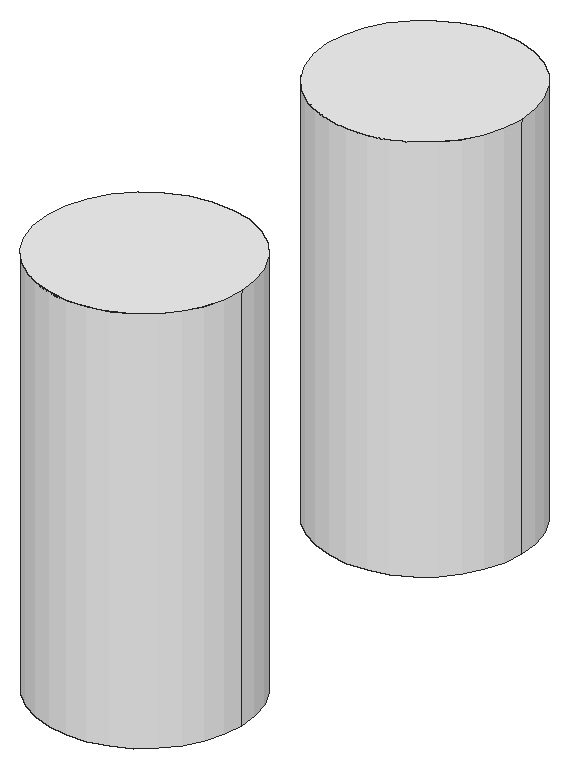
Revit family "44380200", category Plumbing Fixtures, Revit 2018 (continued)
Definition of nested family "44380200_p"
  Lines and regions (mm)
    symbolic lines, detail levels fine
      curve 415: arc (-9.011, -103.011, 0) -> (-9.651, -102.919, 0) -> (-10.285, -102.799, 0) r 14.368
      curve 416: arc (-9.011, -89.609, 0) -> (0, -80.598, 0) -> (9.011, -89.609, 0) r 9.011
      curve 417: line (-5.967, -64.467, 0) -> (-5.967, -48.623, 0)
      curve 418: line (-5.967, -40, 0) -> (0, -40, 0)
      curve 420: arc (-19.256, -110.606, 0) -> (-14.109, -111.327, 0) -> (-9.011, -112.335, 0) r 92.494
      curve 421: line (-9.011, -166.496, 0) -> (-9.011, -89.609, 0)
      curve 433: line (5.967, -40, 0) -> (0, -40, 0)
      curve 435: line (5.967, -64.467, 0) -> (5.967, -48.623, 0)
      curve 437: line (12.31, -100.299, 0) -> (12.31, -73.098, 0)
      curve 438: line (11.71, -72.498, 0) -> (0, -72.498, 0)
      curve 439: arc (11.71, -72.498, 0) -> (12.134, -72.674, 0) -> (12.31, -73.098, 0) r 0.6
      curve 440: arc (10.285, -102.799, 0) -> (11.74, -101.907, 0) -> (12.31, -100.299, 0) r 2.556
      curve 441: arc (9.011, -103.011, 0) -> (9.651, -102.919, 0) -> (10.285, -102.799, 0) r 14.368
      curve 449: line (16.514, -144.948, 0) -> (15.014, -144.948, 0)
      curve 450: line (16.514, -144.198, 0) -> (15.014, -144.198, 0)
      curve 452: line (9.011, -159.766, 0) -> (9.011, -89.609, 0)
      curve 453: line (-12.255, -4.993, 0) -> (12.255, -4.993, 0)
      curve 454: line (-3.969, -72.498, 0) -> (-3.969, -64.467, 0)
      curve 455: line (-3.969, -64.467, 0) -> (-5.967, -64.467, 0)
      curve 456: line (3.969, -64.467, 0) -> (5.967, -64.467, 0)
      curve 457: line (3.969, -72.498, 0) -> (3.969, -64.467, 0)
      curve 458: line (-3.969, -64.467, 0) -> (3.969, -64.467, 0)
      curve 460: line (0, -145.293, 717.388) -> (0, -137.412, 695.734)
      curve 461: line (0, -51.957, 16.716) -> (0, -73.039, 16.716)
      curve 462: line (0, -78.957, 16.716) -> (0, -100.039, 16.716)
      curve 463: line (0, -98.992, 55.25) -> (0, -79.781, 55.25)
      curve 472: line (0, -115.459, 476.5) -> (0, -130.489, 476.5)
      curve 483: line (-39.838, 0, 476.5) -> (-24.762, 0, 476.5)
  Dimensions and locks
    aligned and locked: level to plane 2
